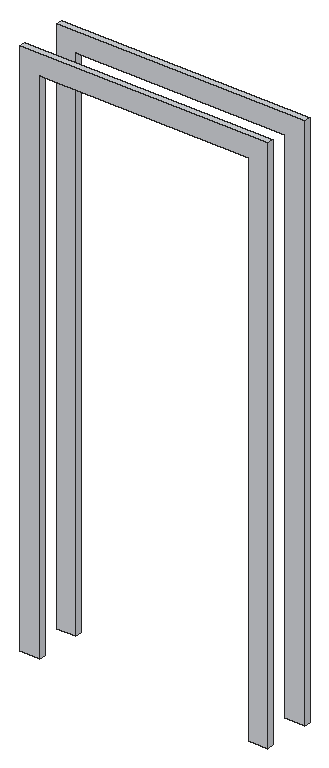
Revit family "LeftDoor", category 门, Revit 2025
Family settings
  主体 = 墙
  OmniClass 编号 = 23.30.10.00
  OmniClass 标题 = Doors
  总是垂直 = 是
  载入时剪切的空心 = 否
  共享 = 否
  房间计算点 = 否
Parameters
  功能 = 内部
  框架投影外部. = 25 mm
  框架投影内部. = 25 mm
  框架宽度 = 75 mm
  高度 = 2000 mm
  墙闭合 = 按主体
  宽度 = 1000 mm
  AI_Width [instance] = 800 mm
  AI_Height [instance] = 2000 mm
Reference planes
  plane 1: y = 0
  plane 2 "中心(左/右)": x = 0
  plane 3 "左": x = -400
  plane 4 "右": x = 400
  plane 5: z = 2000
  plane 6 "外部": y = 75
  plane 7 "内部": y = -75
  plane 8: y = -800
Forms (mm)
  Extrusion 1, solid
    sketch origin (-3050, -75, 0) x (1, 0, 0) y (0, 0, 1)
      loop
        line (2575, 0) -> (2650, 0) -> (2650, 2000) -> (3450, 2000) -> (3450, 0) -> (3525, 0) -> (3525, 2075) -> (2575, 2075) -> (2575, 0)
    from 0 to 25
  Extrusion 2, solid
    sketch origin (-3050, 75, 0) x (-1, 0, 0) y (0, 0, 1)
      loop
        line (-2650, 0) -> (-2575, 0) -> (-2575, 2075) -> (-3525, 2075) -> (-3525, 0) -> (-3450, 0) -> (-3450, 2000) -> (-2650, 2000) -> (-2650, 0)
    from 0 to 25
Lines and regions (mm)
  Opening 1
    outline origin (-3050, -75, 0) x (1, 0, 0) y (0, 0, 1)
      loop
        line (2650, 0) -> (3450, 0) -> (3450, 2000) -> (2650, 2000) -> (2650, 0)
  symbolic lines, style "立面打开方向"
    curve 1: line (400, -75, 1000) -> (-400, -75, 2000)
    curve 2: line (400, -75, 1000) -> (-400, -75, 0)
Text (mm)
  text "外部" at (-2295.016, 1099.543, 0), in view "参照标高"
  text "外部" at (0, 1615.38, 3698.081), in view "左"
  text "外部" at (0, 1036.032, 3874.932), in view "右"
Dimensions and locks
  equal spacing: plane 3 "左", plane 2 "中心(左/右)", plane 4 "右"
  "AI_Width": plane 3 "左" to plane 4 "右"
  "AI_Height": plane 5 to host wall
  equal spacing: host wall, curve 2, plane 5
  host wall to plane 5 = 2000 mm
  "框架投影外部.": Extrusion 2 to Extrusion 2
  "框架投影内部.": Extrusion 1 to Extrusion 1
  "框架宽度": plane 3 "左" to Extrusion 1 sketch curve
  "框架宽度": plane 4 "右" to Extrusion 1 sketch curve
  "框架宽度": Extrusion 1 sketch curve to plane 5
  "框架宽度": plane 4 "右" to Extrusion 2 sketch curve
  "框架宽度": plane 3 "左" to Extrusion 2 sketch curve
  "框架宽度": plane 5 to Extrusion 2 sketch curve
  locked: plane 6 "外部" to host wall
  locked: plane 7 "内部" to host wall
  "AI_Width": plane 8 to host wall
  aligned and locked: plane 3 "左" to Opening 1 sketch curve
  aligned and locked: plane 5 to Opening 1 sketch curve  (x2)
  aligned and locked: Opening 1 sketch curve to plane 4 "右"
  aligned and locked: Opening 1 sketch curve to level
  aligned and locked: level to Extrusion 1 sketch curve
  aligned and locked: plane 5 to Extrusion 1 sketch curve  (x2)
  aligned and locked: Extrusion 1 sketch curve to plane 4 "右"
  aligned and locked: plane 3 "左" to Extrusion 1 sketch curve
  aligned and locked: plane 3 "左" to Extrusion 2 sketch curve
  aligned and locked: plane 5 to Extrusion 2 sketch curve  (x2)
  aligned and locked: level to Extrusion 2 sketch curve
  aligned and locked: plane 5 to curve 1
  aligned and locked: plane 3 "左" to curve 2
  aligned and locked: plane 1 to host wall
  aligned and locked: plane 3 "左" to curve 1
Automatic sketch dimensions
  Extrusion 2 sketch curve to plane 4 "右" = 0 mm
  Extrusion 1 sketch curve to level = 0 mm
  Extrusion 2 sketch curve to level = 0 mm
  plane 4 "右" to curve 2 = 0 mm
  curve 2 to level = 0 mm
